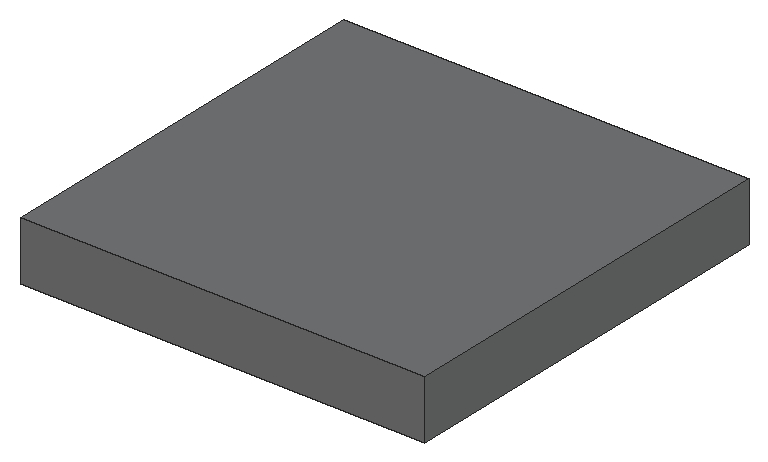
Revit family "Gira_028503", category Electrical Fixtures, host Face, Revit 2017
Family settings
  Host = Face
  Maintain Annotation Orientation = No
  Round Connector Dimension = Use Diameter
  Part Type = Normal
  Cut with Voids When Loaded = No
  Shared = No
  Room Calculation Point = No
Parameters (values of type "Wippe Symb. Licht System 55 Reinweiß")
  Werkstoffgüte = "Thermoplast"
  Werkstoff = "Kunststoff"
  Verwendung = "Schalter/Taster"
  URL = "http://katalog.gira.de/de_DE/datenblatt.html?artikelnr=028503"
  Region = "DE"
  RAL-Nummer (ähnlich) = "9010 "
  Oberfläche = "sonstige"
  Name = "Wippe Symb. Licht System 55 Reinweiß"
  Mit austauschbarer Linse/Symbol = "No"
  Mit Beschriftungsfeld = "No"
  Manufacturer URL = "https://www.gira.de/"
  Kontrollfenster/Lichtauslass = "No"
  Keynote = "Sys55_Abdeckung_Schalten und Tasten"
  HeinzeBIM = "https://bimportal.heinze.de/bim/wippe-symb-licht-system-55-reinweiss/ddb9814d0a9437ce44b1c4c4313ed79cf3a7cd77"
  Halogenfrei = "Yes"
  HAN = "028503"
  Geeignet für Schutzart (IP) = "IP20"
  Geeignet für Bussystem-Tasterankopplung = "No"
  GTIN = "4010337285038"
  Farbe = "weiß"
  Default Elevation = 1219.2 mm
  Data sheet (1) = "https://katalog.gira.de/de_DE/download.html?artikelnr=028503"
  Category = "Abdeckung/Bedienelement für Installationsschalterprogramme"
  Befestigungsart = "Klemmbefestigung"
  Available = "Yes"
  Ausführung der Oberfläche = "glänzend"
  Ausführung = "einteilige Wippe"
  Aufdruck/Kennzeichnung = "Symbol \"Licht\""
  Anthrazit [instance] = Anthrazit
  Abtastbares Symbol/barrierefrei = "No"
Reference planes
  plane 1 "Center (Front/Back)": y = 0
  plane 2: z = 0
  plane 3 "Center (Left/Right)": x = 0
Forms (mm)
  Extrusion 1, solid, material "Anthrazit" <- "Anthrazit", detail levels fine
    sketch origin (0, 0, 0) x (1, 0, 0) y (0, 1, 0)
      loop
        line (-27.5, 27.5) -> (-27.5, -27.5) -> (27.5, -27.5) -> (27.5, 27.5) -> (-27.5, 27.5)
    from 0 to 8
  Extrusion 2, void
    sketch origin (0, 0, 0) x (1, 0, 0) y (0, 1, 0)
      loop
        line (26, 26) -> (-26, 26) -> (-26, -26) -> (26, -26) -> (26, 26)
    from 0 to 6
  Extrusion 3, solid, material "Anthrazit" <- "Anthrazit", detail levels medium
    sketch origin (0, 0, 0) x (1, 0, 0) y (0, 1, 0)
      loop
        line (-27.5, 27.5) -> (-27.5, -27.5) -> (27.5, -27.5) -> (27.5, 27.5) -> (-27.5, 27.5)
    from 0 to 8
  Extrusion 4, solid, material "Anthrazit" <- "Anthrazit", detail levels medium
    sketch origin (0, 0, 0) x (1, 0, 0) y (0, 1, 0)
      loop
        line (11, -17.5) -> (11, 17.5) -> (-11, 17.5) -> (-11, -17.5) -> (11, -17.5)
    from -6 to 6
  Extrusion 5, solid, material "Anthrazit" <- "Anthrazit", detail levels fine
    sketch origin (0, 0, 0) x (1, 0, 0) y (0, 1, 0)
      loop
        line (11, 17.5) -> (-11, 17.5) -> (-11, 16.5) -> (11, 16.5) -> (11, 17.5)
      loop
        line (-11, -16.5) -> (-11, -17.5) -> (11, -17.5) -> (11, -16.5) -> (-11, -16.5)
    from -4 to 6
  Extrusion 6, solid, material "Anthrazit" <- "Anthrazit", detail levels fine
    sketch origin (0, 0, 0) x (1, 0, 0) y (0, 1, 0)
      loop
        arc (5, 9.347) -> (0, 10.6) -> (-5, 9.347) r 10.6
        line (-5, 9.347) -> (-5, -9.347)
        arc (-5, -9.347) -> (0, -10.6) -> (5, -9.347) r 10.6
        line (5, -9.347) -> (5, 9.347)
    from -6 to 6
  Extrusion 7, solid, material "Anthrazit" <- "Anthrazit", detail levels coarse
    sketch origin (0, 0, 0) x (1, 0, 0) y (0, 1, 0)
      loop
        line (-27.5, 27.5) -> (-27.5, -27.5) -> (27.5, -27.5) -> (27.5, 27.5) -> (-27.5, 27.5)
    from -6 to 8
Cuts and joins
  Extrusion 2 cuts Extrusion 1
Dimensions and locks
  aligned and locked: plane 2 to host face
  aligned and locked: level to host face
